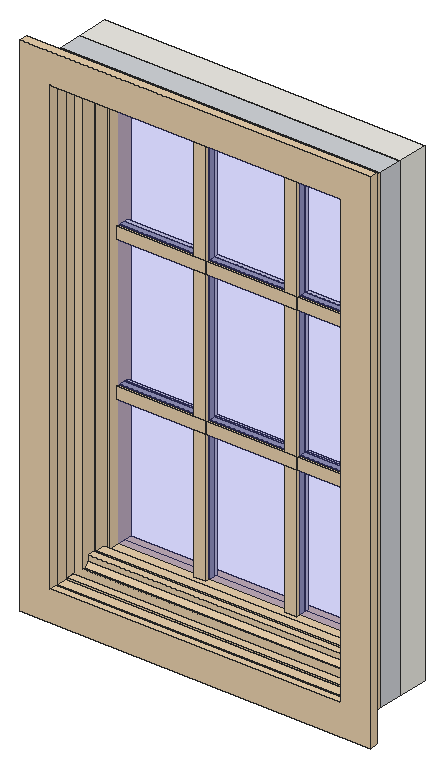
Revit family "1 Window-Casement-Andersen-400_Series_Single", category Windows, host Wall, Revit 2014
Parameters
  XPanelWidth = Width - 0' 0 31/32"  # 1' - 11 1/32"
  XPanelHeight = Height - 0' 1 1/8"  # 2' - 10 7/8"
  Visual Light Transmittance = 0.48  # constant formula
  Thermal Resistance (R) = 0.62871  # 3.5700 (h·ft²·°F)/BTU
  TFL = if(Fractional Lights High > 5, 3, if(or(Fractional Lights High = 4, Fractional Lights High = 5), 2, if(or(Fractional Lights High = 2, Fractional Lights High = 3), 1, 1)))  # 2
  TFB = TFL - 1  # 1
  Solar Heat Gain Coefficient = 0.21  # constant formula
  Learn About These Parameters = "http://www.andersenwindows.com/for-professionals/cad-symbols-bim-support-window-doors/bim-support"
  LWide = if(Enter Pattern Number = 3, 3, if(Enter Pattern Number = 1, . . Lights Wide, Fractional Lights Wide))  # 3
  Heat Transfer Coefficient (U) = 1.5899  # 0.2800 BTU/(h·ft²·°F)
  Glazing Material = Glass ‐ Andersen - Low-E4 SmartSun
  Fractional Lights Wide = 3
  Fractional Lights High = 5
  Exterior Unit Finish = Vinyl - Andersen - White
  Enter Jamb Condition = 1
  ..Jamb Condition Number 1 = "Extension Jamb Only"  # constant formula
  ..Jamb Condition Number 2 = "Narrow Drywall Return"  # constant formula
  ..Jamb Condition Number 3 = "Wide Drywall Return"  # constant formula
  Available Grille Bar Sizes = "3/4'', 7/8'', 1 1/8'', 2 1/4''"  # constant formula
  Between Glass Grille Bar Sizes = "3/4'', 1''"  # constant formula
  Interior Casing = yes
  Grille Bar Size = 0' - 0 7/8"
  Enter Pattern Number = 1
  ..Pattern Number 1 = "Colonial"  # constant formula
  . . Lights Wide = 3
  . . Lights High = 3
  ..Pattern Number 2 = "Modified Colonial"  # constant formula
  ..Pattern Number 3 = "Prairie"  # constant formula
  ..Pattern Number 4 = "Short Fractional"  # constant formula
  ..Pattern Number 5 = "Tall Fractional"  # constant formula
  Extension Jamb = yes
  Enter Exterior Trim Number = 0
  ..Exterior Trim Number 0 = "No Exterior Trim"  # constant formula
  ..Exterior Trim Number 1 = "Brick Mould"  # constant formula
  ..Exterior Trim Number 2 = "3 1/2'' Flat Casing"  # constant formula
  ..Exterior Trim Number 3 = "4 1/2'' Flat Casing"  # constant formula
  Interior Grille Bar = yes
  Exterior Grille Bar = yes
  Between Glass Grille Bar = yes
  xjamb Visibility [instance] = and(and(Enter Jamb Condition = 1, Wall Depth > 0' 2 7/8"), Extension Jamb)  # yes
  xjamb S1 [instance] = if(Wall Depth > 0' 3", Wall Depth - 0' 2 27/32", 0' 3")  # 0' - 1 23/32"
  sill nose1 = 0' - 1 13/16"  # constant formula
  sill nose 2 = 0' - 1 15/16"  # constant formula
  casingS2 = if(Enter Exterior Trim Number = 1, 0' 0 3/16", 0' 0 3/16")  # 0' - 0 3/16"
  casingS1 = if(Enter Exterior Trim Number = 1, 0' 0 7/16", 0' 0 3/16")  # 0' - 0 3/16"
  casing4 = if(Enter Exterior Trim Number = 1, 0' 1 3/4", if(Enter Exterior Trim Number = 2, 0' 3 1/4", 0' 4 1/4"))  # 0' - 4 1/4"
  casing3 = 0' - 0 1/2"  # constant formula
  casing2 = 0' - 0 7/8"  # constant formula
  casing1 = 0' - 0 1/4"  # constant formula
  Xjamb 2 = if(or(Enter Jamb Condition = 2, Enter Jamb Condition = 3), 0' 0 1/32", 0' 0 1/2")  # 0' - 0 1/2"
  Xjamb 1 = if(or(Enter Jamb Condition = 2, Enter Jamb Condition = 3), 0' 0 5/8", 0' 1 3/32")  # 0' - 1 3/32"
  Wall Thickness [instance] = 0' - 6"
  Wall Depth [instance] = 0' - 4 9/16"
  Void Offset 2 = if(Enter Exterior Trim Number > 0, 0' 1 15/16", 0' 0")  # 0' - 0"
  Void Offset 1 = if(Enter Exterior Trim Number > 0, casing4, 0' 0")  # 0' - 0"
  Void Depth [instance] = if(Wall Thickness > Wall Depth, 0' 1" + Wall Thickness - Wall Depth, 0' 1")  # 0' - 2 7/16"
  VeriLock Sensor [instance] = no
  VGB DLO = if(Enter Pattern Number = 3, 0' 4", (H DLO - (Grille Bar Size * (V Bars))) / if(LWide > 2, LWide, 3))  # 0' - 5.91667"
  V Bars = if(Enter Pattern Number = 3, 2, if(LWide > 2, LWide - 1, 2))  # 2
  URL = "www.andersenwindows.com"
  Type Comments = "Vinyl-clad wood casement window"
  TS V DLO = Height - HGO - SGO  # 2' - 7 3/8"
  TS V Bar Length = if(or(Enter Pattern Number = 5, Enter Pattern Number = 2), ((((Height - HGO - SGO - (Grille Bar Size * (Fractional Lights High - 1))) / Fractional Lights High)) * TFL) + (TFB * Grille Bar Size), if(Enter Pattern Number = 4, ((Height - HGO - SGO - (Grille Bar Size * (Fractional Lights High - 1))) / Fractional Lights High), Height - HGO - SGO))  # 2' - 7 3/8"
  TS SH DLO = if(or(Enter Pattern Number = 5, Enter Pattern Number = 2), ((((Height - HGO - SGO - (Grille Bar Size * (Fractional Lights High - 1))) / Fractional Lights High)) * TFL) + (TFB * Grille Bar Size) + HGO + (Grille Bar Size / 2), if(Enter Pattern Number = 4, TS V Bar Length + HGO + (Grille Bar Size / 2), (TS V DLO / 2) + HGO))  # 1' - 6 1/16"
  TS S V = or(and(LWide = 2, Enter Pattern Number = 1), and(Fractional Lights Wide = 2, or(or(Enter Pattern Number = 2, Enter Pattern Number = 4), Enter Pattern Number = 5)))  # no
  TS S H Craftsman = and(Enter Pattern Number = 2, or(Fractional Lights High = 4, Fractional Lights High = 5))  # no
  TS S H = or(or(or(and(. . Lights High = 2, Enter Pattern Number = 1), and(Enter Pattern Number = 4, Fractional Lights High > 1)), and(Enter Pattern Number = 5, Fractional Lights High > 1)), and(Enter Pattern Number = 2, Fractional Lights High > 1))  # no
  TS M V = LWide > 2  # yes
  TS M H = or(or(Enter Pattern Number = 3, and(. . Lights High > 2, Enter Pattern Number = 1)), and(Enter Pattern Number = 2, Fractional Lights High > 5))  # yes
  TS HGB DLO = if(Enter Pattern Number = 1, if(. . Lights High > 2, ((TS V Bar Length - (Grille Bar Size * (. . Lights High - 1))) / . . Lights High), 0' 4"), if(Enter Pattern Number = 3, 0' 4", if(Fractional Lights High > 2, ((TS V Bar Length - (Grille Bar Size * 2)) / 3), 0' 4")))  # 0' - 9 7/8"
  TS H Bars = if(Enter Pattern Number = 3, 2, if(Enter Pattern Number = 1, if(. . Lights High > 2, . . Lights High - 1, 2), 2))  # 2
  Step Visibility = or(Enter Jamb Condition = 2, Enter Jamb Condition = 3)  # no
  Step Jamb2 = if(Enter Jamb Condition = 2, 0' 0 1/4", 0' 0 13/16")  # 0' - 0 13/16"
  Step Jamb1 = 0' - 1 1/8"  # constant formula
  Sill Stop Dim [instance] = 0' - 2 1/2"
  SGO = 0' - 2 1/4"  # constant formula
  Rough Width = Width + (Rough Opening Offset * 2)  # 2' - 0 1/2"
  Rough Opening Offset = 0' - 0 1/4"
  Rough Height = Height + (Rough Opening Offset * 2)  # 3' - 0 1/2"
  Push Out Stop Visibility [instance] = no
  Product Documentation Link = "https://www.andersenwindows.com/windows-and-doors/windows/casement-windows/400-series-casement-window/"
  Plan Exterior Mask Visibility [instance] = Plan Exterior Mask 2 > 0' 0 1/32"  # yes
  Plan Exterior Mask 2 [instance] = if(Enter Exterior Trim Number > 0, if(Wall Depth + 0' 1 1/16" + casingS1 > Wall Thickness, 0' 0 1/32", Wall Thickness - Wall Depth - 0' 1 1/16" - casingS1), if(Wall Depth + 0' 1 1/16" > Wall Thickness, 0' 0 1/32", Wall Thickness - Wall Depth - 0' 0 1/16"))  # 0' - 1 3/8"
  Plan Exterior Mask [instance] = if(Enter Exterior Trim Number > 0, 0' 1 1/16" + casingS1, 0' 1 1/16")  # 0' - 1 1/16"
  Nail Fin Visibility = Enter Exterior Trim Number = 0  # yes
  Model = "400-Series Casement"  # constant formula
  Masonry Width = if(Enter Exterior Trim Number > 0, Width + ((casing4 + Masonry Opening Offset) * 2), Width + (Masonry Opening Offset * 2))  # 2' - 0 1/2"
  Masonry Opening Offset = 0' - 0 1/4"
  Masonry Height = if(Enter Exterior Trim Number > 0, Height + (casing4 + Masonry Opening Offset) + (sill nose 2 + Masonry Opening Offset), Height + (Masonry Opening Offset * 2))  # 3' - 0 1/2"
  Manufacturer = "Andersen Corporation"  # constant formula
  JGO = 0' - 2 1/4"  # constant formula
  Interior Trim Visibility = and(Enter Jamb Condition = 1, Interior Casing)  # yes
  Interior Material = Wood - Andersen - Pine
  Interior Casing Size = 0' - 2 1/4"
  Horizontal Craftsman Bar Size = 0' - 0 7/8"
  Height = 3' - 0"
  Head Stop Dim [instance] = 0' - 2 17/64"
  HGO = 0' - 2 3/8"  # constant formula
  H DLO = Width - (JGO * 2)  # 1' - 7 1/2"
  Family Version = "01.01.19"  # constant formula
  Exterior Trim Finish = Fibrex Composite - Andersen - White
  Designation = "CMT"
  Description = "Vinyl-clad wood casement window"  # constant formula
  Default Sill Height = 6' 10 1/2" - Rough Height  # 3' - 10"
  Wall Closure = By host
  Width = 2' - 0"
  Crank Out Stop Visibility [instance] = yes
  Coarse Plan [instance] = if(Wall Depth < Wall Thickness, Wall Depth, Wall Thickness)  # 0' - 4 9/16"
  Casing Visibility = Enter Exterior Trim Number > 0  # no
  Between Glass Grille Bar Finish = Stainless Steel - Andersen - Standard
  Bar Center Line = if(Enter Pattern Number = 3, 1, 2)  # 2
  Assembly Code = "B2020100"
Reference planes (in)
  plane 1 "Center (Front/Back)": y = 0
  plane 2: z = 0
  plane 3 "Center (Left/Right)": x = 0
  plane 4 "R Frame": x = -12
  plane 5 "L Frame": x = 12
  plane 6 "B Frame": z = 46.25
  plane 7 "T Frame": z = 82.25
  plane 8 "L Glazing": x = 9.75
  plane 9 "L Ext Frame": x = 11.514
  plane 10 "L Stop": x = 10
  plane 11 "L Xjamb 1": x = 10.90625
  plane 12 "L Casing 1": x = 11.75
  plane 13 "L Xjamb 2": x = 11.5
  plane 14 "L Rough Opening": x = 12.25
  plane 15 "L Casing 2": x = 15.375
  plane 16 "L Casing 3": x = 15.75
  plane 17 "L Casing 4": x = 16.25
  plane 18 "R Glazing": x = -9.75
  plane 19 "R Ext Frame": x = -11.514
  plane 20 "R Stop": x = -10
  plane 21 "R Xjamb 1": x = -10.90625
  plane 22 "R Casing 1": x = -11.75
  plane 23 "R Xjamb 2": x = -11.5
  plane 24 "R Rough Opening": x = -12.25
  plane 25 "R Casing 2": x = -15.375
  plane 26 "R Casing 3": x = -15.75
  plane 27 "R Casing 4": x = -16.25
  plane 28 "R Int Casing": x = -13.15625
  plane 29 "T Ext Frame": z = 81.68689
  plane 30 "T Xjamb 1": z = 81.15625
  plane 31 "T Casing 1": z = 82
  plane 32 "T Xjamb 2": z = 81.75
  plane 33 "T Rough Opening": z = 82.5
  plane 34 "T Casing 2": z = 85.625
  plane 35 "T Casing 3": z = 86
  plane 36 "T Casing 4": z = 86.5
  plane 37 "T Int Casing": z = 83.40625
  plane 38 "B Ext Frame": z = 46.81311
  plane 39 "B Xjamb 2": z = 46.75
  plane 40 "B Casing 1": z = 46.5
  plane 41 "B Casing 2": z = 44.3125
  plane 42 "B Int Casing": z = 44.985
  plane 43 "L Int Casing": x = 13.15625
  plane 44 "Casing S1": y = 3.062
  plane 45 "Casing S2": y = 3.062
  plane 46 "Frame S1": y = 2.8745
  plane 47 "Flange": y = 1.5625
  plane 48 "Sash1 S2": y = 0.5625
  plane 49 "Frame S2": y = -1.2855
  plane 50 "B Xjamb 1": z = 47.235
  plane 51 "Exterior Offset": y = 4
  plane 52 "Interior Casing": y = -3.625
  plane 53 "B Rough Opening": z = 46
  plane 54 "R Masonry Opening": x = -16.5
  plane 55 "L Masonry Opening": x = 16.5
  plane 56 "T Masonry Opening": z = 86.75
  plane 57 "B Masonry Opening": z = 44.0625
  plane 58 "Xjamb S1": y = -1.28125
  plane 59 "R Sash": x = -11.42
  plane 60 "L Sash": x = 11.42
  plane 61 "Stop S1": y = -1.4375
  plane 62 "T Sash": z = 81.5
  plane 63 "T Int Frame": z = 81.14
  plane 64 "B Int Frame": z = 47.235
  plane 65 "L Int Frame": x = 10.891
  plane 66 "R Int Frame": x = -10.891
  plane 67 "T Stop": z = 79.98437
  plane 68 "B Stop": z = 48.75
Forms (in)
  Extrusion 1, void
    sketch origin (0, 0, 0) x (1, 0, 0) y (0, 0, 1)
      loop
        line (12, 82.25) -> (-12, 82.25) -> (-12, 46.25) -> (12, 46.25) -> (12, 82.25)
    from -1.5625 to 3
  Extrusion 2, void
    sketch origin (0, 0, 0) x (1, 0, 0) y (0, 0, 1)
      loop
        line (12, 82.25) -> (-12, 82.25) -> (-12, 46.25) -> (12, 46.25) -> (12, 82.25)
    from -15 to -1.5625
  Extrusion 3, solid, material "Wood - Andersen - Pine" <- "Interior Material", visible <- "xjamb Visibility", detail levels medium+fine
    sketch origin (0, -2.5625, 0) x (-1, 0, 0) y (0, 0, 1)
      loop
        line (11.5, 81.75) -> (-11.5, 81.75) -> (-11.5, 46.75) -> (11.5, 46.75) -> (11.5, 81.75)
      loop
        line (10.90625, 81.15625) -> (-10.90625, 81.15625) -> (-10.90625, 47.235) -> (10.90625, 47.235) -> (10.90625, 81.15625)
    from 1.28125 to -0.4375
  Extrusion 4, solid, material "Wood - Andersen - Pine" <- "Interior Material", visible <- "Interior Trim Visibility", detail levels fine
    sketch origin (0, -3.625, 0) x (-1, 0, 0) y (0, 0, 1)
      loop
        line (13.15625, 83.40625) -> (-13.15625, 83.40625) -> (-13.15625, 44.985) -> (13.15625, 44.985) -> (13.15625, 83.40625)
      loop
        line (10.90625, 81.15625) -> (-10.90625, 81.15625) -> (-10.90625, 47.235) -> (10.90625, 47.235) -> (10.90625, 81.15625)
    from 0 to 0.625
  Extrusion 5, solid, material "Fibrex Composite - Andersen - White" <- "Exterior Trim Finish", visible <- "Casing Visibility", detail levels medium+fine
    sketch origin (0, 0, 0) x (0, 1, 0) y (0, 0, 1)
      loop
        line (2.31163, 46.25) -> (1.5625, 46.25) -> (1.5625, 44.3125) -> (3.375, 44.3125) -> (3.375, 46.0625) -> (2.31163, 46.25)
    from -16.25 to 16.25
  Sweep 6, solid, material "Fibrex Composite - Andersen - White" <- "Exterior Trim Finish", visible <- "Casing Visibility", detail levels medium+fine
    path origin (0, 1.5625, 0) x (-1, 0, 0) y (0, 0, 1)
      loop
        line (-16.25, 44.3125) -> (-16.25, 86.5) -> (16.25, 86.5) -> (16.25, 44.3125)
    profile origin (16.25, 1.5625, 65.40625) x (1, 0, 0) y (0, 1, 0)
      loop
        line (-0.875, 1.4995) -> (-4.5, 1.4995) -> (-4.5, 0) -> (0, 0) -> (0, 1.4995) -> (-0.5, 1.4995) -> (-0.875, 1.4995)
  Extrusion 7, solid, material "Fibrex Composite - Andersen - White" <- "Exterior Trim Finish", visible <- "Casing Visibility", detail levels coarse
    sketch origin (0, 1.5625, 0) x (-1, 0, 0) y (0, 0, 1)
      loop
        line (-16.25, 86.5) -> (-16.25, 44.3125) -> (16.25, 44.3125) -> (16.25, 86.5) -> (-16.25, 86.5)
      loop
        line (-11.75, 82) -> (-11.75, 46.25) -> (11.75, 46.25) -> (11.75, 82) -> (-11.75, 82)
    from 0 to 1.4995
  Extrusion 8, solid, material "Vinyl - Andersen - White" <- "Exterior Unit Finish"
    sketch origin (0, 0, 0) x (1, 0, 0) y (0, 0, 1)
      loop
        line (12, 82.25) -> (-12, 82.25) -> (-12, 46.25) -> (12, 46.25) -> (12, 82.25)
      loop
        line (11.514, 81.68689) -> (-11.514, 81.68689) -> (-11.514, 46.81311) -> (11.514, 46.81311) -> (11.514, 81.68689)
    from -2.8745 to -0.5625
  Extrusion 9, solid
    sketch origin (0, 0, 0) x (1, 0, 0) y (0, 0, 1)
      loop
        line (12, 82.25) -> (-12, 82.25) -> (-12, 46.25) -> (12, 46.25) -> (12, 82.25)
      loop
        line (10.891, 81.14) -> (-10.891, 81.14) -> (-10.891, 47.235) -> (10.891, 47.235) -> (10.891, 81.14)
    from -0.5625 to 1.2855
  Extrusion 10, solid, material "Wood - Andersen - Pine" <- "Interior Material"
    sketch origin (0, 0, 0) x (0, 1, 0) y (0, 0, 1)
      loop
        line (-0.4375, 48.75) -> (-0.4375, 48.673) -> (-1.00544, 48.673) -> (-1.00544, 48.26216) -> (-1.2885, 47.922) -> (-1.4375, 47.922) -> (-1.4375, 47.235) -> (0.5625, 47.235) -> (0.5625, 48.47) -> (0.2955, 48.75) -> (-0.4375, 48.75)
    from -10.891 to 10.891
  Extrusion 11, solid, material "Wood - Andersen - Pine" <- "Interior Material"
    sketch origin (0, 0, 0) x (1, 0, 0) y (0, 1, 0)
      loop
        line (-10.891, -1.4375) -> (-10.188, -1.4375) -> (-10.188, -0.4375) -> (-10, -0.4375) -> (-10, 0.5625) -> (-10.891, 0.5625) -> (-10.891, -1.4375)
      loop
        line (10.891, -1.4375) -> (10.891, 0.5625) -> (10, 0.5625) -> (10, -0.4375) -> (10.188, -0.4375) -> (10.188, -1.4375) -> (10.891, -1.4375)
    from 47.235 to 81.14
  Sweep 12, solid, material "Wood - Andersen - Pine" <- "Interior Material"
    path origin (0, 1.5625, 0) x (-1, 0, 0) y (0, 0, 1)
      loop
        line (12, 46.25) -> (12, 82.25) -> (-12, 82.25) -> (-12, 46.25) -> (12, 46.25)
    profile origin (-12, 1.5625, 64.25) x (1, 0, 0) y (0, 1, 0)
      loop
        line (0, -2.848) -> (0, -3.6605) -> (1.09375, -3.6605) -> (1.09375, -2.848) -> (0, -2.848)
  Extrusion 13, solid, material "Wood - Andersen - Pine" <- "Interior Material"
    sketch origin (0, 0, 0) x (0, 1, 0) y (0, 0, 1)
      loop
        line (-1.4375, 81.14) -> (-1.4375, 80.345) -> (-0.4375, 80.345) -> (-0.4375, 79.98437) -> (0.5625, 79.98437) -> (0.5625, 81.14) -> (-1.4375, 81.14)
    from -10.891 to 10.891
Cuts and joins
  joined: Extrusion 5, Sweep 6
  joined: Extrusion 10, Extrusion 11, Sweep 12, Extrusion 13
Lines and regions (in)
  Masking region 1, detail levels medium+fine
    outline origin (0, 0, 46.81311) x (0, -1, 0) y (1, 0, 0)
      loop
        line (-2.8745, -12) -> (1.2855, -12) -> (1.2855, -10.891) -> (1.4375, -10.891) -> (1.4375, 10.891) -> (1.2855, 10.891) -> (1.2855, 12) -> (-2.8745, 12) -> (-2.8745, -12)
  Masking region 2, visible <- "Casing Visibility", detail levels medium+fine
    outline origin (0, 0, 46.25) x (0, -1, 0) y (1, 0, 0)
      loop
        line (-2.8745, -12) -> (-2.8745, 12) -> (-1.5625, 12) -> (-1.5625, 16.25) -> (-3.062, 16.25) -> (-3.062, -16.25) -> (-1.5625, -16.25) -> (-1.5625, -12) -> (-2.8745, -12)
  Masking region 3, visible <- "Nail Fin Visibility", detail levels coarse
    outline origin (0, 0, 46.25) x (0, -1, 0) y (1, 0, 0)
      loop
        line (-4, -12) -> (3, -12) -> (3, 12) -> (-4, 12) -> (-4, -12)
  Masking region 4
    outline origin (0, 0, 0) x (0, 1, 0) y (0, 0, 1)
      loop
        line (2.8745, 82.25) -> (-1.2855, 82.25) -> (-1.2855, 81.14) -> (-1.4375, 81.14) -> (-1.4375, 47.235) -> (-1.2855, 47.235) -> (-1.2855, 46.25) -> (2.8745, 46.25) -> (2.8745, 82.25)
  Masking region 5, visible <- "Casing Visibility"
    outline origin (0, 0, 0) x (0, 1, 0) y (0, 0, 1)
      loop
        line (2.8745, 46.15075) -> (2.8745, 46.25) -> (1.5625, 46.25) -> (1.5625, 44.3125) -> (3.375, 44.3125) -> (3.375, 46.0625) -> (2.8745, 46.15075)
  Masking region 6, visible <- "Casing Visibility"
    outline origin (0, 0, 0) x (0, 1, 0) y (0, 0, 1)
      loop
        line (2.8745, 82.25) -> (2.8745, 46.15075) -> (3.062, 46.11769) -> (3.062, 86.5) -> (1.5625, 86.5) -> (1.5625, 82.25) -> (2.8745, 82.25)
  Masking region 7, visible <- "Casing Visibility", detail levels coarse
    outline origin (0, 0, 46.25) x (0, -1, 0) y (1, 0, 0)
      loop
        line (-4, -16.25) -> (-1.5625, -16.25) -> (-1.5625, -12) -> (3, -12) -> (3, 12) -> (-1.5625, 12) -> (-1.5625, 16.25) -> (-4, 16.25) -> (-4, -16.25)
  Masking region 8, visible <- "Step Visibility", detail levels medium+fine
    outline origin (0, 0, 0) x (0, 1, 0) y (0, 0, 1)
      loop
        line (-1.28125, 82.25) -> (-2.098, 82.25) -> (-2.098, 46.25) -> (-1.28125, 46.25) -> (-1.28125, 47.235) -> (-1.4375, 47.235) -> (-1.4375, 81.14) -> (-1.28125, 81.14) -> (-1.28125, 82.25)
  Masking region 9, visible <- "xjamb Visibility", detail levels medium+fine
    outline origin (0, 0, 0) x (0, 1, 0) y (0, 0, 1)
      loop
        line (-1.28125, 81.75) -> (-3, 81.75) -> (-3, 46.75) -> (-1.28125, 46.75) -> (-1.28125, 47.235) -> (-1.4375, 47.235) -> (-1.4375, 81.14) -> (-1.28125, 81.14) -> (-1.28125, 81.75)
  Masking region 10, visible <- "Interior Trim Visibility", detail levels fine
    outline origin (0, 0, 0) x (0, 1, 0) y (0, 0, 1)
      loop
        line (-3, 83.40625) -> (-3.625, 83.40625) -> (-3.625, 44.985) -> (-3, 44.985) -> (-3, 83.40625)
  Masking region 11, visible <- "Step Visibility", detail levels medium+fine
    outline origin (0, 0, 46.25) x (0, -1, 0) y (1, 0, 0)
      loop
        line (1.28125, -12) -> (2.098, -12) -> (2.098, 12) -> (1.28125, 12) -> (1.28125, 10.891) -> (1.4375, 10.891) -> (1.4375, -10.891) -> (1.28125, -10.891) -> (1.28125, -12)
  Masking region 12, visible <- "xjamb Visibility", detail levels medium+fine
    outline origin (0, 0, 46.25) x (0, -1, 0) y (1, 0, 0)
      loop
        line (1.28125, -11.5) -> (3, -11.5) -> (3, 11.5) -> (1.28125, 11.5) -> (1.28125, 10.891) -> (1.4375, 10.891) -> (1.4375, -10.891) -> (1.28125, -10.891) -> (1.28125, -11.5)
  Masking region 13, visible <- "Interior Trim Visibility", detail levels fine
    outline origin (0, 0, 46.25) x (0, -1, 0) y (1, 0, 0)
      loop
        line (3, -13.15625) -> (3.625, -13.15625) -> (3.625, 13.15625) -> (3, 13.15625) -> (3, -13.15625)
  symbolic lines, style "WindowsFrameMullionProjection", visible <- "Casing Visibility", detail levels fine
    curve 1: line (15.75, 3.062, 46.25) -> (15.375, 3.062, 46.25)
    curve 2: line (15.375, 3.062, 46.25) -> (11.75, 3.062, 46.25)
    curve 3: line (11.75, 3.062, 46.25) -> (11.75, 2.8745, 46.25)
    curve 4: line (-15.75, 3.062, 46.25) -> (-15.375, 3.062, 46.25)
    curve 5: line (-15.375, 3.062, 46.25) -> (-11.75, 3.062, 46.25)
    curve 6: line (-11.75, 3.062, 46.25) -> (-11.75, 2.8745, 46.25)
  symbolic lines, style "WindowsFrameMullionProjection", detail levels medium
    curve 7: line (-11.514, 2.8745, 46.25) -> (-11.514, 0.5625, 46.25)
    curve 8: line (11.514, 2.8745, 46.25) -> (11.514, 0.5625, 46.25)
    curve 66: line (11.514, 0.5625, 0) -> (10, 0.5625, 0)
    curve 67: line (10, 0.5625, 0) -> (10, -1.4375, 0)
    curve 68: line (-11.514, 0.5625, 0) -> (-10, 0.5625, 0)
    curve 69: line (-10, 0.5625, 0) -> (-10, -1.4375, 0)
  symbolic lines, style "WindowsFrameMullionProjection", detail levels coarse
    curve 9: line (-10, -3, 46.25) -> (-10, 4, 46.25)
    curve 10: line (10, -3, 46.25) -> (10, 4, 46.25)
  symbolic lines, style "WindowsGlassProjection", detail levels coarse
    curve 11: line (-10, 0, 46.25) -> (10, 0, 46.25)
    curve 12: line (-10, 1, 46.25) -> (10, 1, 46.25)
  symbolic lines, style "WindowsFrameMullionProjection", visible <- "Casing Visibility"
    curve 13: line (0, 3.062, 86) -> (0, 3.062, 85.625)
    curve 14: line (0, 3.062, 85.625) -> (0, 3.062, 82)
    curve 15: line (0, 3.062, 82) -> (0, 2.8745, 82)
    curve 186: line (-16.25, 3.062, 46.25) -> (-16.25, 1.5625, 46.25)
    curve 188: line (16.25, 3.062, 46.25) -> (16.25, 1.5625, 46.25)
    curve 190: line (0, 3.062, 86.5) -> (0, 1.5625, 86.5)
    curve 192: line (0, 3.062, 44.3125) -> (0, 1.5625, 44.3125)
  symbolic lines, style "WindowsFrameMullionProjection", visible <- "Casing Visibility", detail levels medium
    curve 16: line (-12, 2.8745, 46.25) -> (-12, 3.062, 46.25)
    curve 17: line (12, 3.062, 46.25) -> (12, 2.8745, 46.25)
  symbolic lines, style "WindowsFrameMullionProjection", visible <- "Nail Fin Visibility", detail levels medium+fine
    curve 18: line (-12, 1.5625, 0) -> (-13.5, 1.5625, 0)
    curve 50: line (12, 1.5625, 0) -> (13.5, 1.5625, 0)
  symbolic lines, style "WindowsFrameMullionProjection", detail levels fine
    curve 19: line (-10.891, -1.4375, 0) -> (-10.891, 1.0895, 0)
    curve 20: line (-10, 0.5625, 0) -> (-10, -0.505, 0)
    curve 21: line (-11.19253, 1.0895, 0) -> (-11.31813, 1.9375, 0)
    curve 22: line (-11.03384, 1.3805, 0) -> (-11.03384, 2.0625, 0)
    curve 23: line (-11.34196, 2.0625, 0) -> (-11.42, 2.3755, 0)
    curve 24: line (-11.42, 2.3755, 0) -> (-11.42, 2.5625, 0)
    curve 25: line (-11.42, 2.5625, 0) -> (-10.42814, 2.5625, 0)
    curve 28: line (-10, 0.5625, 0) -> (-9.75, 1.2845, 0)
    curve 40: line (-10.375, 2.3125, 0) -> (-10.375, 1.2845, 0)
    curve 41: line (-10.01883, 2.3125, 0) -> (-9.75, 1.9105, 0)
    curve 46: line (-9.87475, 1.3805, 0) -> (-9.87475, 1.8145, 0)
    curve 51: line (10.891, -1.4375, 0) -> (10.891, 1.0895, 0)
    curve 52: line (10, 0.5625, 0) -> (10, -0.505, 0)
    curve 53: line (11.19253, 1.0895, 0) -> (11.31813, 1.9375, 0)
    curve 54: line (11.03384, 1.3805, 0) -> (11.03384, 2.0625, 0)
    curve 55: line (11.34196, 2.0625, 0) -> (11.42, 2.3755, 0)
    curve 56: line (11.42, 2.3755, 0) -> (11.42, 2.5625, 0)
    curve 57: line (11.42, 2.5625, 0) -> (10.42814, 2.5625, 0)
    curve 60: line (10, 0.5625, 0) -> (9.75, 1.2845, 0)
    curve 61: line (10.375, 2.3125, 0) -> (10.375, 1.2845, 0)
    curve 62: line (10.01883, 2.3125, 0) -> (9.75, 1.9105, 0)
    curve 65: line (9.87475, 1.3805, 0) -> (9.87475, 1.8145, 0)
    curve 84: line (0, 1.8145, 80.01044) -> (0, 1.3805, 80.01044)
    curve 92: line (-10, -0.505, 0) -> (-10.36, -0.505, 0)
    curve 93: line (-10.36, -0.505, 0) -> (-10.36, -1.4375, 0)
    curve 96: line (10, -0.505, 0) -> (10.36, -0.505, 0)
    curve 97: line (10.36, -0.505, 0) -> (10.36, -1.4375, 0)
    curve 111: line (-11.45476, 1.9375, 0) -> (-11.514, 2.3375, 0)
    curve 112: line (-11.31813, 1.9375, 0) -> (-11.45476, 1.9375, 0)
    curve 113: line (-10.6, 0.5625, 0) -> (-10.775, 1.3805, 0)
    curve 114: line (-10.375, 2.3125, 0) -> (-10.01883, 2.3125, 0)
    curve 115: line (-11.34196, 2.0625, 0) -> (-11.03384, 2.0625, 0)
    curve 116: line (-11.03384, 1.3805, 0) -> (-10.775, 1.3805, 0)
    curve 117: line (-10.891, 0.5625, 0) -> (-10, 0.5625, 0)
    curve 118: line (-11.19253, 1.0895, 0) -> (-10.891, 1.0895, 0)
    curve 127: line (11.45476, 1.9375, 0) -> (11.514, 2.3375, 0)
    curve 128: line (11.31813, 1.9375, 0) -> (11.45476, 1.9375, 0)
    curve 129: line (10.6, 0.5625, 0) -> (10.775, 1.3805, 0)
    curve 130: line (10.375, 2.3125, 0) -> (10.01883, 2.3125, 0)
    curve 131: line (11.34196, 2.0625, 0) -> (11.03384, 2.0625, 0)
    curve 132: line (11.03384, 1.3805, 0) -> (10.775, 1.3805, 0)
    curve 133: line (10.891, 0.5625, 0) -> (10, 0.5625, 0)
    curve 134: line (11.19253, 1.0895, 0) -> (10.891, 1.0895, 0)
    curve 135: line (-11.514, 2.3375, 0) -> (-11.514, 2.8745, 0)
    curve 137: line (11.514, 2.3375, 0) -> (11.514, 2.8745, 0)
    curve 138: line (-10.42814, 2.5625, 0) -> (-10.375, 2.3125, 0)
    curve 140: line (10.42814, 2.5625, 0) -> (10.375, 2.3125, 0)
    curve 165: line (0, 1.8145, 48.36456) -> (0, 1.3805, 48.36456)
  symbolic lines, style "WindowsGlassProjection", detail levels fine
    curve 26: line (-9.75, 1.9105, 0) -> (-10.375, 1.9105, 0)
    curve 27: line (-9.75, 1.2845, 0) -> (-10.375, 1.2845, 0)
    curve 44: line (-9.75, 1.8145, 0) -> (-10.375, 1.8145, 0)
    curve 45: line (-9.75, 1.3805, 0) -> (-10.375, 1.3805, 0)
    curve 58: line (9.75, 1.9105, 0) -> (10.375, 1.9105, 0)
    curve 59: line (9.75, 1.2845, 0) -> (10.375, 1.2845, 0)
    curve 63: line (9.75, 1.8145, 0) -> (10.375, 1.8145, 0)
    curve 64: line (9.75, 1.3805, 0) -> (10.375, 1.3805, 0)
    curve 82: line (0, 1.8145, 80.364) -> (0, 1.8145, 79.875)
    curve 83: line (0, 1.3805, 80.364) -> (0, 1.3805, 79.875)
    curve 163: line (0, 1.8145, 48.011) -> (0, 1.8145, 48.5)
    curve 164: line (0, 1.3805, 48.011) -> (0, 1.3805, 48.5)
  symbolic lines, style "WindowsFrameMullionProjection", visible <- "Nail Fin Visibility", not visible, detail levels medium+fine
    curve 29: line (-35.18862, 120.69666, 0) -> (-36.68862, 120.69666, 0)
  symbolic lines, style "WindowsFrameMullionProjection", not visible, detail levels fine
    curve 30: line (-34.07962, 117.69666, 0) -> (-34.07962, 120.22366, 0)
    curve 31: line (-33.18862, 119.69666, 0) -> (-33.18862, 118.62916, 0)
    curve 32: line (-34.38115, 120.22366, 0) -> (-34.50674, 121.07166, 0)
    curve 33: line (-34.22246, 120.51466, 0) -> (-34.22246, 121.19666, 0)
    curve 34: line (-34.53058, 121.19666, 0) -> (-34.60862, 121.50966, 0)
    curve 35: line (-34.60862, 121.50966, 0) -> (-34.60862, 121.69666, 0)
    curve 36: line (-34.60862, 121.69666, 0) -> (-33.61676, 121.69666, 0)
    curve 39: line (-33.18862, 119.69666, 0) -> (-32.93862, 120.41866, 0)
    curve 42: line (-33.56362, 121.44666, 0) -> (-33.56362, 120.41866, 0)
    curve 43: line (-33.20744, 121.44666, 0) -> (-32.93862, 121.04466, 0)
    curve 49: line (-33.06337, 120.51466, 0) -> (-33.06337, 120.94866, 0)
    curve 94: line (-33.18862, 118.62916, 0) -> (-33.54862, 118.62916, 0)
    curve 95: line (-33.54862, 118.62916, 0) -> (-33.54862, 117.69666, 0)
    curve 119: line (-34.64338, 121.07166, 0) -> (-34.70262, 121.47166, 0)
    curve 120: line (-34.50674, 121.07166, 0) -> (-34.64338, 121.07166, 0)
    curve 121: line (-33.78862, 119.69666, 0) -> (-33.96362, 120.51466, 0)
    curve 122: line (-33.56362, 121.44666, 0) -> (-33.20744, 121.44666, 0)
    curve 123: line (-34.53058, 121.19666, 0) -> (-34.22246, 121.19666, 0)
    curve 124: line (-34.22246, 120.51466, 0) -> (-33.96362, 120.51466, 0)
    curve 125: line (-34.07962, 119.69666, 0) -> (-33.18862, 119.69666, 0)
    curve 126: line (-34.38115, 120.22366, 0) -> (-34.07962, 120.22366, 0)
    curve 136: line (-34.70262, 121.47166, 0) -> (-34.70262, 122.00866, 0)
    curve 139: line (-33.61676, 121.69666, 0) -> (-33.56362, 121.44666, 0)
    curve 209: line (0, 1.8145, 48.36456) -> (0, 1.3805, 48.36456)
    curve 244: line (0, 1.8145, 80.01044) -> (0, 1.3805, 80.01044)
  symbolic lines, style "WindowsGlassProjection", not visible, detail levels fine
    curve 37: line (-32.93862, 121.04466, 0) -> (-33.56362, 121.04466, 0)
    curve 38: line (-32.93862, 120.41866, 0) -> (-33.56362, 120.41866, 0)
    curve 47: line (-32.93862, 120.94866, 0) -> (-33.56362, 120.94866, 0)
    curve 48: line (-32.93862, 120.51466, 0) -> (-33.56362, 120.51466, 0)
    curve 207: line (0, 1.8145, 48.011) -> (0, 1.8145, 48.5)
    curve 208: line (0, 1.3805, 48.011) -> (0, 1.3805, 48.5)
    curve 242: line (0, 1.8145, 80.364) -> (0, 1.8145, 79.875)
    curve 243: line (0, 1.3805, 80.364) -> (0, 1.3805, 79.875)
  symbolic lines, style "WindowsFrameMullionProjection"
    curve 70: line (0, 1.1115, 81.597) -> (0, 2.63553, 81.597)
    curve 71: line (0, 1.1115, 80.89) -> (0, 1.1115, 81.597)
    curve 72: line (0, -1.4375, 81.14) -> (0, -1.0925, 81.14)
    curve 73: line (0, 0.5625, 79.984) -> (0, -0.4375, 79.984)
    curve 74: line (0, 2.0625, 81.064) -> (0, 1.2185, 81.064)
    curve 75: line (0, 0.5625, 80.89) -> (0, 0.5625, 79.984)
    curve 76: line (0, 1.2845, 80.364) -> (0, 2.2815, 80.364)
    curve 78: line (0, 2.5625, 80.417) -> (0, 2.5625, 81.501)
    curve 79: line (0, 2.5625, 81.501) -> (0, 2.3755, 81.501)
    curve 80: line (0, 2.0625, 81.345) -> (0, 2.0625, 81.064)
    curve 81: line (0, 1.2845, 79.875) -> (0, 0.5625, 80.065)
    curve 85: line (0, 2.2815, 80.364) -> (0, 2.2815, 80.13145)
    curve 86: line (0, 2.2815, 80.13145) -> (0, 1.9105, 79.8812)
    curve 141: line (0, 2.5625, 80.417) -> (0, 2.2815, 80.364)
    curve 142: line (0, 2.3755, 81.501) -> (0, 2.0625, 81.345)
    curve 143: line (0, 1.2185, 81.064) -> (0, 1.2185, 80.8018)
    curve 144: line (0, 1.2185, 80.8018) -> (0, 0.5625, 80.673)
    curve 145: line (0, 2.63553, 81.68689) -> (0, 2.8745, 81.68689)
    curve 146: line (0, 2.63553, 81.68689) -> (0, 2.63553, 81.597)
    curve 147: line (0, 1.1115, 80.89) -> (0, -1.0925, 80.89)
    curve 148: line (0, -1.0925, 81.14) -> (0, -1.0925, 80.89)
    curve 149: line (0, -0.4375, 80.345) -> (0, -0.4375, 79.984)
    curve 150: line (0, -0.4375, 80.345) -> (0, -1.4375, 80.345)
    curve 151: line (0, 1.1115, 46.778) -> (0, 2.63553, 46.778)
    curve 152: line (0, 1.1115, 47.485) -> (0, 1.1115, 46.778)
    curve 153: line (0, -1.4375, 47.235) -> (0, -1.0925, 47.235)
    curve 154: line (0, -1.00544, 48.673) -> (0, -1.00544, 48.26216)
    curve 155: line (0, 2.0625, 47.311) -> (0, 1.2185, 47.311)
    curve 156: line (0, 0.5625, 47.702) -> (0, 0.5625, 48.47)
    curve 157: line (0, 1.2845, 48.011) -> (0, 2.2815, 48.011)
    curve 159: line (0, 2.5625, 47.958) -> (0, 2.5625, 46.874)
    curve 160: line (0, 2.5625, 46.874) -> (0, 2.3755, 46.874)
    curve 161: line (0, 2.0625, 47.03) -> (0, 2.0625, 47.311)
    curve 162: line (0, 1.2845, 48.5) -> (0, 0.5625, 48.375)
    curve 166: line (0, 2.2815, 48.011) -> (0, 2.2815, 48.24355)
    curve 167: line (0, 2.2815, 48.24355) -> (0, 1.9105, 48.4938)
    curve 169: line (0, 2.5625, 47.958) -> (0, 2.2815, 48.011)
    curve 170: line (0, 2.3755, 46.874) -> (0, 2.0625, 47.03)
    curve 171: line (0, 1.2185, 47.311) -> (0, 1.2185, 47.5732)
    curve 172: line (0, 1.2185, 47.5732) -> (0, 0.5625, 47.702)
    curve 173: line (0, 2.63553, 46.68811) -> (0, 2.8745, 46.68811)
    curve 174: line (0, 2.63553, 46.68811) -> (0, 2.63553, 46.778)
    curve 175: line (0, 1.1115, 47.485) -> (0, -1.0925, 47.485)
    curve 176: line (0, -1.0925, 47.235) -> (0, -1.0925, 47.485)
    curve 177: line (0, -1.2885, 47.922) -> (0, -1.00544, 48.26216)
    curve 178: line (0, -1.2885, 47.922) -> (0, -1.4375, 47.922)
    curve 179: line (0, -1.00544, 48.673) -> (0, -0.4375, 48.673)
    curve 180: line (0, -0.4375, 48.673) -> (0, -0.4375, 48.75)
    curve 181: line (0, 0.2955, 48.75) -> (0, -0.4375, 48.75)
    curve 182: line (0, 0.5625, 48.47) -> (0, 0.2955, 48.75)
    curve 183: line (0, 0.5625, 48.377) -> (0, -0.4845, 48.377)
    curve 184: line (0, -0.7345, 48.189) -> (0, -0.7345, 47.485)
    curve 185: line (0, -0.7345, 48.189) -> (0, -0.4845, 48.377)
    curve 187: line (-12, 1.5625, 46.25) -> (-12, -1.2855, 46.25)
    curve 189: line (12, 1.5625, 46.25) -> (12, -1.2855, 46.25)
    curve 191: line (0, 2.8745, 82.25) -> (0, -1.2855, 82.25)
    curve 193: line (0, 2.8745, 46.25) -> (0, -1.2855, 46.25)
  symbolic lines, style "WindowsGlassProjection"
    curve 77: line (0, 1.2845, 79.875) -> (0, 1.2845, 80.364)
    curve 87: line (0, 1.9105, 79.8812) -> (0, 1.9105, 80.364)
    curve 158: line (0, 1.2845, 48.5) -> (0, 1.2845, 48.011)
    curve 168: line (0, 1.9105, 48.4938) -> (0, 1.9105, 48.011)
  symbolic lines, style "WindowsFrameMullionProjection", visible <- "Nail Fin Visibility"
    curve 88: line (0, 1.5625, 83.875) -> (0, 1.5625, 82.25)
    curve 89: line (0, 1.5625, 46.25) -> (0, 1.5625, 44.625)
  symbolic lines, style "Elevation Swing"
    curve 90: line (11.42, 0, 81.5) -> (-11.42, 0, 64.3675)
    curve 91: line (-11.42, 0, 64.3675) -> (11.42, 0, 46.99975)
  symbolic lines, style "InvisibleLines", detail levels coarse
    curve 98: line (-12, -3, 0) -> (12, -3, 0)
  symbolic lines, style "WindowsFrameMullionProjection", visible <- "Step Visibility", detail levels medium+fine
    curve 99: line (0, -1.28125, 81.14) -> (0, -2.098, 81.14)
    curve 102: line (0, -1.28125, 47.235) -> (0, -2.098, 47.235)
    curve 105: line (-10.891, -1.28125, 46.25) -> (-10.891, -2.098, 46.25)
    curve 108: line (10.891, -1.28125, 46.25) -> (10.891, -2.098, 46.25)
  symbolic lines, style "WindowsFrameMullionProjection", visible <- "xjamb Visibility", detail levels medium+fine
    curve 100: line (0, -1.28125, 81.15625) -> (0, -3, 81.15625)
    curve 103: line (0, -1.28125, 47.235) -> (0, -3, 47.235)
    curve 106: line (-10.90625, -1.28125, 46.25) -> (-10.90625, -3, 46.25)
    curve 109: line (10.90625, -1.28125, 46.25) -> (10.90625, -3, 46.25)
  symbolic lines, style "WindowsFrameMullionProjection", visible <- "Interior Trim Visibility", detail levels fine
    curve 101: line (0, -3, 81.15625) -> (0, -3.625, 81.15625)
    curve 104: line (0, -3, 47.235) -> (0, -3.625, 47.235)
    curve 107: line (-10.90625, -3, 46.25) -> (-10.90625, -3.625, 46.25)
    curve 110: line (10.90625, -3, 46.25) -> (10.90625, -3.625, 46.25)
  symbolic lines, style "WindowsFrameMullionProjection", visible <- "Nail Fin Visibility", not visible
    curve 194: line (0, 1.5625, 46.25) -> (0, 1.5625, 44.625)
    curve 248: line (0, 1.5625, 83.875) -> (0, 1.5625, 82.25)
  symbolic lines, style "WindowsFrameMullionProjection", not visible
    curve 195: line (0, 1.1115, 46.778) -> (0, 2.63553, 46.778)
    curve 196: line (0, 1.1115, 47.485) -> (0, 1.1115, 46.778)
    curve 197: line (0, -1.4375, 47.235) -> (0, -1.0925, 47.235)
    curve 198: line (0, -1.00544, 48.673) -> (0, -1.00544, 48.26216)
    curve 199: line (0, 2.0625, 47.311) -> (0, 1.2185, 47.311)
    curve 200: line (0, 0.5625, 47.702) -> (0, 0.5625, 48.47)
    curve 201: line (0, 1.2845, 48.011) -> (0, 2.2815, 48.011)
    curve 203: line (0, 2.5625, 47.958) -> (0, 2.5625, 46.874)
    curve 204: line (0, 2.5625, 46.874) -> (0, 2.3755, 46.874)
    curve 205: line (0, 2.0625, 47.03) -> (0, 2.0625, 47.311)
    curve 206: line (0, 1.2845, 48.5) -> (0, 0.5625, 48.375)
    curve 210: line (0, 2.2815, 48.011) -> (0, 2.2815, 48.24355)
    curve 211: line (0, 2.2815, 48.24355) -> (0, 1.9105, 48.4938)
    curve 213: line (0, 2.5625, 47.958) -> (0, 2.2815, 48.011)
    curve 214: line (0, 2.3755, 46.874) -> (0, 2.0625, 47.03)
    curve 215: line (0, 1.2185, 47.311) -> (0, 1.2185, 47.5732)
    curve 216: line (0, 1.2185, 47.5732) -> (0, 0.5625, 47.702)
    curve 217: line (0, 2.63553, 46.68811) -> (0, 2.8745, 46.68811)
    curve 218: line (0, 2.63553, 46.68811) -> (0, 2.63553, 46.778)
    curve 219: line (0, 1.1115, 47.485) -> (0, -1.0925, 47.485)
    curve 220: line (0, -1.0925, 47.235) -> (0, -1.0925, 47.485)
    curve 221: line (0, -1.2885, 47.922) -> (0, -1.00544, 48.26216)
    curve 222: line (0, -1.2885, 47.922) -> (0, -1.4375, 47.922)
    curve 223: line (0, -1.00544, 48.673) -> (0, -0.4375, 48.673)
    curve 224: line (0, -0.4375, 48.673) -> (0, -0.4375, 48.75)
    curve 225: line (0, 0.2955, 48.75) -> (0, -0.4375, 48.75)
    curve 226: line (0, 0.5625, 48.47) -> (0, 0.2955, 48.75)
    curve 227: line (0, 0.5625, 48.377) -> (0, -0.4845, 48.377)
    curve 228: line (0, -0.7345, 48.189) -> (0, -0.7345, 47.485)
    curve 229: line (0, -0.7345, 48.189) -> (0, -0.4845, 48.377)
    curve 230: line (0, 1.1115, 81.597) -> (0, 2.63553, 81.597)
    curve 231: line (0, 1.1115, 80.89) -> (0, 1.1115, 81.597)
    curve 232: line (0, -1.4375, 81.14) -> (0, -1.0925, 81.14)
    curve 233: line (0, 0.5625, 79.984) -> (0, -0.4375, 79.984)
    curve 234: line (0, 2.0625, 81.064) -> (0, 1.2185, 81.064)
    curve 235: line (0, 0.5625, 80.89) -> (0, 0.5625, 79.984)
    curve 236: line (0, 1.2845, 80.364) -> (0, 2.2815, 80.364)
    curve 238: line (0, 2.5625, 80.417) -> (0, 2.5625, 81.501)
    curve 239: line (0, 2.5625, 81.501) -> (0, 2.3755, 81.501)
    curve 240: line (0, 2.0625, 81.345) -> (0, 2.0625, 81.064)
    curve 241: line (0, 1.2845, 79.875) -> (0, 0.5625, 80.065)
    curve 245: line (0, 2.2815, 80.364) -> (0, 2.2815, 80.13145)
    curve 246: line (0, 2.2815, 80.13145) -> (0, 1.9105, 79.8812)
    curve 249: line (0, 2.5625, 80.417) -> (0, 2.2815, 80.364)
    curve 250: line (0, 2.3755, 81.501) -> (0, 2.0625, 81.345)
    curve 251: line (0, 1.2185, 81.064) -> (0, 1.2185, 80.8018)
    curve 252: line (0, 1.2185, 80.8018) -> (0, 0.5625, 80.673)
    curve 253: line (0, 2.63553, 81.68689) -> (0, 2.8745, 81.68689)
    curve 254: line (0, 2.63553, 81.68689) -> (0, 2.63553, 81.597)
    curve 255: line (0, 1.1115, 80.89) -> (0, -1.0925, 80.89)
    curve 256: line (0, -1.0925, 81.14) -> (0, -1.0925, 80.89)
    curve 257: line (0, -0.4375, 80.345) -> (0, -0.4375, 79.984)
    curve 258: line (0, -0.4375, 80.345) -> (0, -1.4375, 80.345)
  symbolic lines, style "WindowsGlassProjection", not visible
    curve 202: line (0, 1.2845, 48.5) -> (0, 1.2845, 48.011)
    curve 212: line (0, 1.9105, 48.4938) -> (0, 1.9105, 48.011)
    curve 237: line (0, 1.2845, 79.875) -> (0, 1.2845, 80.364)
    curve 247: line (0, 1.9105, 79.8812) -> (0, 1.9105, 80.364)
Text (in)
  text "EXTERIOR" at (-58.6888, 50.90694, 0), in view "Ref. Level"
  text "INTERIOR" at (-58.6888, -37.76638, 0), in view "Ref. Level"
  text "Exterior" at (0, 43.65631, 123.19604), in view "Left"
  text "Exterior" at (0, 18.29385, 125.04747), in view "Right"
Dimensions and locks (in)
  equal spacing: plane 4 "R Frame", plane 3 "Center (Left/Right)", plane 5 "L Frame"
  "Width": plane 4 "R Frame" to plane 5 "L Frame"
  "Height": plane 6 "B Frame" to plane 7 "T Frame"
  locked: plane 46 "Frame S1" to plane 47 "Flange" at 1.312
  locked: plane 47 "Flange" to plane 48 "Sash1 S2" at 1
  locked: plane 47 "Flange" to plane 49 "Frame S2" at 2.848
  "casingS2": plane 45 "Casing S2" to plane 46 "Frame S1"
  "casingS1": plane 44 "Casing S1" to plane 46 "Frame S1"
  "Xjamb 2": plane 32 "T Xjamb 2" to plane 7 "T Frame"
  "casing1": plane 31 "T Casing 1" to plane 7 "T Frame"
  "Xjamb 1": plane 30 "T Xjamb 1" to plane 7 "T Frame"
  plane 29 "T Ext Frame" to plane 7 "T Frame" = 0' - 0.56311"
  "Rough Opening Offset": plane 7 "T Frame" to plane 33 "T Rough Opening"
  "casing4": plane 7 "T Frame" to plane 36 "T Casing 4"
  "Xjamb 2": plane 6 "B Frame" to plane 39 "B Xjamb 2"
  locked: plane 6 "B Frame" to plane 40 "B Casing 1" at 0.25
  locked: plane 6 "B Frame" to plane 50 "B Xjamb 1" at 0.985
  locked: plane 6 "B Frame" to plane 38 "B Ext Frame" at 0.56311
  "sill nose 2": plane 41 "B Casing 2" to plane 6 "B Frame"
  "casing4": plane 5 "L Frame" to plane 17 "L Casing 4"
  "casing4": plane 27 "R Casing 4" to plane 4 "R Frame"
  "casing3": plane 35 "T Casing 3" to plane 36 "T Casing 4"
  "casing2": plane 34 "T Casing 2" to plane 36 "T Casing 4"
  "casing3": plane 27 "R Casing 4" to plane 26 "R Casing 3"
  "casing2": plane 27 "R Casing 4" to plane 25 "R Casing 2"
  "casing1": plane 4 "R Frame" to plane 22 "R Casing 1"
  "casing1": plane 12 "L Casing 1" to plane 5 "L Frame"
  "casing3": plane 16 "L Casing 3" to plane 17 "L Casing 4"
  "casing2": plane 15 "L Casing 2" to plane 17 "L Casing 4"
  locked: plane 51 "Exterior Offset" to host wall at 1
  "Void Offset 1": plane 7 "T Frame" to Extrusion 2 sketch curve
  "Void Offset 1": Extrusion 2 sketch curve to plane 4 "R Frame"
  "Void Offset 1": plane 5 "L Frame" to Extrusion 2 sketch curve
  "Void Offset 2": Extrusion 2 sketch curve to plane 6 "B Frame"
  "Interior Casing Size": plane 28 "R Int Casing" to plane 21 "R Xjamb 1"
  "Interior Casing Size": plane 11 "L Xjamb 1" to plane 43 "L Int Casing"
  "Interior Casing Size": plane 30 "T Xjamb 1" to plane 37 "T Int Casing"
  "Interior Casing Size": plane 42 "B Int Casing" to plane 50 "B Xjamb 1"
  "Xjamb 1": plane 4 "R Frame" to plane 21 "R Xjamb 1"
  locked: plane 4 "R Frame" to plane 20 "R Stop" at 2
  locked: plane 4 "R Frame" to plane 19 "R Ext Frame" at 0.486
  "JGO": plane 4 "R Frame" to plane 18 "R Glazing"
  locked: plane 10 "L Stop" to plane 5 "L Frame" at 2
  locked: plane 9 "L Ext Frame" to plane 5 "L Frame" at 0.486
  "JGO": plane 8 "L Glazing" to plane 5 "L Frame"
  "Xjamb 1": plane 11 "L Xjamb 1" to plane 5 "L Frame"
  "Wall Thickness": host wall to host wall
  locked: plane 1 "Center (Front/Back)" to curve 12 at 1
  "sill nose1": Masking region 5 sketch curve to plane 47 "Flange"
  locked: level to plane 7 "T Frame" at 82.25
  "Rough Opening Offset": plane 53 "B Rough Opening" to plane 6 "B Frame"
  "Masonry Opening Offset": plane 54 "R Masonry Opening" to plane 27 "R Casing 4"
  "Masonry Opening Offset": plane 17 "L Casing 4" to plane 55 "L Masonry Opening"
  "Masonry Opening Offset": plane 36 "T Casing 4" to plane 56 "T Masonry Opening"
  "Masonry Opening Offset": plane 57 "B Masonry Opening" to plane 41 "B Casing 2"
  "sill nose1": Extrusion 5 sketch curve to plane 47 "Flange"
  "Void Depth": plane 51 "Exterior Offset" to Extrusion 2
  "Wall Depth": host wall to plane 47 "Flange"
  "Void Depth": plane 51 "Exterior Offset" to Masking region 7 sketch curve  (x2)
  locked: plane 52 "Interior Casing" to host wall at 0.625
  locked: Extrusion 2 to host wall at 12
  "Rough Opening Offset": plane 24 "R Rough Opening" to plane 4 "R Frame"
  "Rough Opening Offset": plane 5 "L Frame" to plane 14 "L Rough Opening"
  "Xjamb 2": plane 13 "L Xjamb 2" to plane 5 "L Frame"
  "Xjamb 2": plane 4 "R Frame" to plane 23 "R Xjamb 2"
  locked: plane 4 "R Frame" to plane 59 "R Sash" at 0.58
  locked: plane 60 "L Sash" to plane 5 "L Frame" at 0.58
  locked: plane 47 "Flange" to plane 61 "Stop S1" at 3
  locked: plane 62 "T Sash" to plane 7 "T Frame" at 0.75
  locked: plane 63 "T Int Frame" to plane 7 "T Frame" at 1.11
  locked: plane 6 "B Frame" to plane 64 "B Int Frame" at 0.985
  locked: plane 65 "L Int Frame" to plane 5 "L Frame" at 1.109
  locked: plane 4 "R Frame" to plane 66 "R Int Frame" at 1.109
  locked: Extrusion 11 sketch curve to plane 20 "R Stop" at 0.188
  locked: Extrusion 11 sketch curve to plane 61 "Stop S1" at 1  (x2)
  locked: plane 10 "L Stop" to Extrusion 11 sketch curve at 0.188
  host wall to Extrusion 11 = 0' - 1 7/16"
  locked: plane 4 "R Frame" to Sweep 12 sketch curve at 1.09375
  "Step Jamb2": plane 49 "Frame S2" to Sweep 12 sketch curve
  "xjamb S1": host wall to plane 58 "Xjamb S1"
  "Head Stop Dim": plane 67 "T Stop" to plane 7 "T Frame"
  "Sill Stop Dim": plane 6 "B Frame" to plane 68 "B Stop"
  equal spacing: plane 64 "B Int Frame", curve 91, plane 62 "T Sash"
  locked: cut or joined group of Extrusion 10, Extrusion 11, Sweep 12, Extrusion 13 to Extrusion 10 sketch curve at 1.515
  locked: plane 48 "Sash1 S2" to Extrusion 10 sketch curve at 0.267
  locked: plane 48 "Sash1 S2" to Extrusion 10 sketch curve at 1
  locked: Extrusion 10 sketch curve to Extrusion 10 sketch curve at 0.077
  locked: Extrusion 10 sketch curve to Extrusion 10 sketch curve at 0.56794
  locked: Extrusion 10 sketch curve to Extrusion 10 sketch curve at 0.41084
  locked: Extrusion 10 sketch curve to Extrusion 10 sketch curve at 0.28306
  locked: Extrusion 10 sketch curve to Extrusion 10 sketch curve at 0.751
  locked: plane 48 "Sash1 S2" to Extrusion 10 sketch curve at 2
  locked: Extrusion 13 sketch curve to plane 63 "T Int Frame" at 0.795
  locked: Extrusion 13 sketch curve to plane 63 "T Int Frame" at 1.15563
  locked: plane 48 "Sash1 S2" to Extrusion 13 sketch curve at 1
  locked: Masking region 5 sketch curve to plane 6 "B Frame" at 0.1875
  locked: Extrusion 5 sketch curve to plane 6 "B Frame" at 0.1875
  "Step Jamb2": plane 49 "Frame S2" to Masking region 11 sketch curve
  locked: plane 40 "B Casing 1" to Masking region 5 sketch curve (angle 10.00°)
  locked: plane 40 "B Casing 1" to Masking region 6 sketch curve (angle 10.00°)
  locked: plane 40 "B Casing 1" to Extrusion 5 sketch curve (angle 10.00°)
  aligned and locked: level to plane 2
  aligned and locked: plane 7 "T Frame" to Extrusion 1 sketch curve
  aligned and locked: plane 5 "L Frame" to Extrusion 1 sketch curve
  aligned and locked: Extrusion 1 sketch curve to plane 4 "R Frame"
  aligned and locked: Extrusion 1 sketch curve to plane 6 "B Frame"
  aligned and locked: host wall to Extrusion 1
  aligned and locked: plane 47 "Flange" to Extrusion 1
  aligned and locked: Masking region 1 sketch curve to plane 46 "Frame S1"
  aligned and locked: Masking region 1 sketch curve to plane 4 "R Frame"
  aligned and locked: plane 5 "L Frame" to Masking region 1 sketch curve
  aligned and locked: plane 47 "Flange" to Masking region 2 sketch curve  (x2)
  aligned and locked: plane 4 "R Frame" to Masking region 2 sketch curve
  aligned and locked: plane 46 "Frame S1" to Masking region 2 sketch curve
  aligned and locked: Masking region 2 sketch curve to plane 5 "L Frame"
  aligned and locked: plane 17 "L Casing 4" to Masking region 2 sketch curve
  aligned and locked: Masking region 2 sketch curve to plane 44 "Casing S1"
  aligned and locked: plane 45 "Casing S2" to curve 1
  aligned and locked: plane 12 "L Casing 1" to curve 3
  aligned and locked: plane 46 "Frame S1" to curve 3
  aligned and locked: Masking region 2 sketch curve to plane 27 "R Casing 4"
  aligned and locked: plane 46 "Frame S1" to curve 8
  aligned and locked: Masking region 3 sketch curve to plane 4 "R Frame"
  aligned and locked: plane 5 "L Frame" to Masking region 3 sketch curve
  aligned and locked: Masking region 3 sketch curve to plane 51 "Exterior Offset"
  aligned and locked: plane 51 "Exterior Offset" to curve 9
  aligned and locked: plane 51 "Exterior Offset" to curve 10
  aligned and locked: host wall to curve 11
  aligned and locked: plane 7 "T Frame" to Masking region 4 sketch curve
  aligned and locked: Masking region 4 sketch curve to plane 6 "B Frame"
  aligned and locked: Masking region 4 sketch curve to plane 46 "Frame S1"
  aligned and locked: plane 46 "Frame S1" to Masking region 5 sketch curve
  aligned and locked: Masking region 5 sketch curve to plane 46 "Frame S1"
  aligned and locked: Masking region 5 sketch curve to plane 47 "Flange"
  aligned and locked: Masking region 5 sketch curve to plane 6 "B Frame"
  aligned and locked: plane 41 "B Casing 2" to Masking region 5 sketch curve
  aligned and locked: Masking region 6 sketch curve to plane 46 "Frame S1"
  aligned and locked: plane 44 "Casing S1" to Masking region 6 sketch curve
  aligned and locked: Masking region 6 sketch curve to plane 36 "T Casing 4"
  aligned and locked: Masking region 6 sketch curve to plane 47 "Flange"
  aligned and locked: plane 7 "T Frame" to Masking region 6 sketch curve
  aligned and locked: plane 45 "Casing S2" to curve 13
  aligned and locked: plane 31 "T Casing 1" to curve 15
  aligned and locked: plane 46 "Frame S1" to curve 15
  aligned and locked: plane 5 "L Frame" to curve 17
  aligned and locked: Masking region 3 sketch curve to host wall
  aligned and locked: plane 30 "T Xjamb 1" to Extrusion 3 sketch curve
  aligned and locked: plane 32 "T Xjamb 2" to Extrusion 3 sketch curve
  aligned and locked: Extrusion 3 sketch curve to plane 21 "R Xjamb 1"
  aligned and locked: Extrusion 3 sketch curve to plane 23 "R Xjamb 2"
  aligned and locked: plane 11 "L Xjamb 1" to Extrusion 3 sketch curve
  aligned and locked: plane 13 "L Xjamb 2" to Extrusion 3 sketch curve
  aligned and locked: Extrusion 3 sketch curve to plane 50 "B Xjamb 1"
  aligned and locked: Extrusion 3 sketch curve to plane 39 "B Xjamb 2"
  aligned and locked: plane 30 "T Xjamb 1" to Extrusion 4 sketch curve
  aligned and locked: plane 37 "T Int Casing" to Extrusion 4 sketch curve
  aligned and locked: Extrusion 4 sketch curve to plane 21 "R Xjamb 1"
  aligned and locked: Extrusion 4 sketch curve to plane 28 "R Int Casing"
  aligned and locked: plane 11 "L Xjamb 1" to Extrusion 4 sketch curve
  aligned and locked: plane 43 "L Int Casing" to Extrusion 4 sketch curve
  aligned and locked: Extrusion 4 sketch curve to plane 50 "B Xjamb 1"
  aligned and locked: Extrusion 4 sketch curve to plane 42 "B Int Casing"
  aligned and locked: Extrusion 4 to host wall
  aligned and locked: Extrusion 4 to plane 52 "Interior Casing"
  aligned and locked: plane 41 "B Casing 2" to Extrusion 5 sketch curve
  aligned and locked: plane 41 "B Casing 2" to Sweep 6 sketch curve  (x2)
  aligned and locked: plane 17 "L Casing 4" to Sweep 6 sketch curve  (x2)
  aligned and locked: Sweep 6 sketch curve to plane 27 "R Casing 4"
  aligned and locked: plane 36 "T Casing 4" to Sweep 6 sketch curve
  aligned and locked: plane 16 "L Casing 3" to Sweep 6 sketch curve
  aligned and locked: plane 45 "Casing S2" to Sweep 6 sketch curve
  aligned and locked: Sweep 6 sketch curve to plane 44 "Casing S1"
  aligned and locked: plane 47 "Flange" to Sweep 6 sketch curve
  aligned and locked: Sweep 6 sketch curve to plane 12 "L Casing 1"
  aligned and locked: Sweep 6 sketch curve to plane 45 "Casing S2"
  aligned and locked: plane 15 "L Casing 2" to Sweep 6 sketch curve
  aligned and locked: Extrusion 5 to plane 17 "L Casing 4"
  aligned and locked: plane 27 "R Casing 4" to Extrusion 5
  aligned and locked: plane 31 "T Casing 1" to Extrusion 7 sketch curve
  aligned and locked: plane 36 "T Casing 4" to Extrusion 7 sketch curve
  aligned and locked: plane 12 "L Casing 1" to Extrusion 7 sketch curve
  aligned and locked: plane 17 "L Casing 4" to Extrusion 7 sketch curve
  aligned and locked: Extrusion 7 sketch curve to plane 22 "R Casing 1"
  aligned and locked: Extrusion 7 sketch curve to plane 27 "R Casing 4"
  aligned and locked: Extrusion 7 sketch curve to plane 41 "B Casing 2"
  aligned and locked: plane 44 "Casing S1" to Extrusion 7
  aligned and locked: plane 47 "Flange" to Extrusion 7
  aligned and locked: Extrusion 5 sketch curve to plane 47 "Flange"
  aligned and locked: host wall to Masking region 7 sketch curve
  aligned and locked: plane 4 "R Frame" to Masking region 7 sketch curve
  aligned and locked: Masking region 7 sketch curve to plane 5 "L Frame"
  aligned and locked: plane 51 "Exterior Offset" to Masking region 7 sketch curve
  aligned and locked: plane 27 "R Casing 4" to Masking region 7 sketch curve
  aligned and locked: Masking region 7 sketch curve to plane 17 "L Casing 4"
  aligned and locked: host wall to curve 9
  aligned and locked: plane 7 "T Frame" to Extrusion 8 sketch curve
  aligned and locked: Extrusion 8 sketch curve to plane 4 "R Frame"
  aligned and locked: Extrusion 8 sketch curve to plane 6 "B Frame"
  aligned and locked: plane 5 "L Frame" to Extrusion 8 sketch curve
  aligned and locked: plane 29 "T Ext Frame" to Extrusion 8 sketch curve
  aligned and locked: Extrusion 8 sketch curve to plane 19 "R Ext Frame"
  aligned and locked: plane 9 "L Ext Frame" to Extrusion 8 sketch curve
  aligned and locked: Extrusion 8 sketch curve to plane 38 "B Ext Frame"
  aligned and locked: plane 46 "Frame S1" to Extrusion 8
  aligned and locked: plane 48 "Sash1 S2" to curve 8
  aligned and locked: plane 48 "Sash1 S2" to curve 7
  aligned and locked: plane 49 "Frame S2" to Masking region 1 sketch curve
  aligned and locked: plane 61 "Stop S1" to curve 69
  aligned and locked: plane 61 "Stop S1" to curve 67
  aligned and locked: Masking region 1 sketch curve to plane 49 "Frame S2"
  aligned and locked: plane 61 "Stop S1" to Masking region 4 sketch curve
  aligned and locked: plane 49 "Frame S2" to Masking region 4 sketch curve
  aligned and locked: Masking region 4 sketch curve to plane 49 "Frame S2"
  aligned and locked: Extrusion 8 to plane 48 "Sash1 S2"
  aligned and locked: plane 63 "T Int Frame" to Extrusion 9 sketch curve
  aligned and locked: plane 65 "L Int Frame" to Extrusion 9 sketch curve
  aligned and locked: Extrusion 9 sketch curve to plane 66 "R Int Frame"
  aligned and locked: Extrusion 9 sketch curve to plane 64 "B Int Frame"
  aligned and locked: Extrusion 9 sketch curve to plane 6 "B Frame"
  aligned and locked: Extrusion 9 sketch curve to plane 4 "R Frame"
  aligned and locked: plane 7 "T Frame" to Extrusion 9 sketch curve
  aligned and locked: plane 5 "L Frame" to Extrusion 9 sketch curve
  aligned and locked: plane 48 "Sash1 S2" to Extrusion 9
  aligned and locked: Extrusion 9 to plane 49 "Frame S2"
  aligned and locked: plane 66 "R Int Frame" to Extrusion 10
  aligned and locked: Extrusion 10 to plane 65 "L Int Frame"
  aligned and locked: Extrusion 11 sketch curve to plane 48 "Sash1 S2"
  aligned and locked: Extrusion 11 sketch curve to plane 66 "R Int Frame"
  aligned and locked: plane 61 "Stop S1" to Extrusion 11 sketch curve
  aligned and locked: plane 20 "R Stop" to Extrusion 11 sketch curve
  aligned and locked: plane 10 "L Stop" to Extrusion 11 sketch curve
  aligned and locked: plane 48 "Sash1 S2" to Extrusion 11 sketch curve
  aligned and locked: Extrusion 11 sketch curve to plane 65 "L Int Frame"
  aligned and locked: Extrusion 11 sketch curve to plane 61 "Stop S1"
  aligned and locked: plane 64 "B Int Frame" to Extrusion 11
  aligned and locked: Extrusion 11 to plane 63 "T Int Frame"
  aligned and locked: Masking region 1 sketch curve to plane 66 "R Int Frame"
  aligned and locked: Masking region 1 sketch curve to plane 65 "L Int Frame"
  aligned and locked: plane 7 "T Frame" to Sweep 12 sketch curve
  aligned and locked: plane 5 "L Frame" to Sweep 12 sketch curve
  aligned and locked: Sweep 12 sketch curve to plane 6 "B Frame"
  aligned and locked: Sweep 12 sketch curve to plane 4 "R Frame"
  aligned and locked: Sweep 12 sketch curve to plane 49 "Frame S2"
  aligned and locked: plane 58 "Xjamb S1" to Extrusion 3
  aligned and locked: host wall to Extrusion 3
  aligned and locked: Masking region 4 sketch curve to plane 63 "T Int Frame"
  aligned and locked: Masking region 4 sketch curve to plane 64 "B Int Frame"
  aligned and locked: plane 48 "Sash1 S2" to Extrusion 10 sketch curve
  aligned and locked: plane 64 "B Int Frame" to Extrusion 10 sketch curve
  aligned and locked: plane 62 "T Sash" to curve 90
  aligned and locked: plane 60 "L Sash" to curve 90
  aligned and locked: plane 60 "L Sash" to curve 91
  aligned and locked: plane 59 "R Sash" to curve 91
  aligned and locked: plane 4 "R Frame" to curve 98
  aligned and locked: plane 5 "L Frame" to curve 98
  aligned and locked: host wall to curve 98
